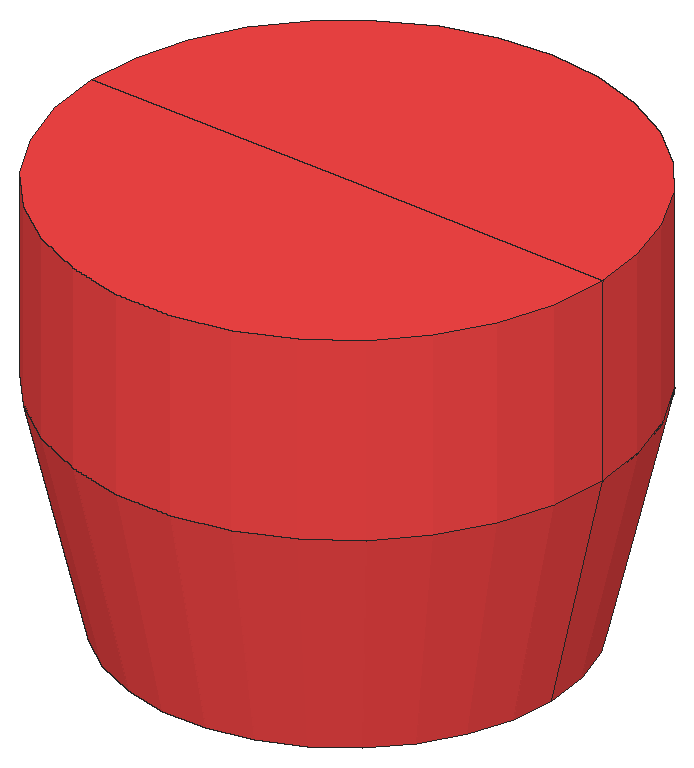
Revit family "CWSO-RR-S2 ENScape akustisk signalgiver rød_Tak", category Fire Alarm Devices, Revit 2016
Family settings
  Maintain Annotation Orientation = Yes
  Part Type = Normal
  Round Connector Dimension = Use Diameter
  OmniClass Number = 23.85.30.21.11.17
  OmniClass Title = Other Components
  Work Plane-Based = No
  Always vertical = No
  Cut with Voids When Loaded = No
  Shared = No
  Room Calculation Point = No
Parameters (values of type "Signalgiver")
  Type Comments = "-XH"
  Reference Line Out [instance] = 50.00 mm
  NS8360 = "5423_XN1"
  Manufacturer = "Honeywell"
  Keynote = "XN1"
  CQFontSymboler = ""
  CQ Material = Plastic - Red
  CQ Diameter = 100.00 mm
  CQ Symbol Positive Direction [instance] = yes
  CQ Symbol Offset Side [instance] = 0.00 mm
  CQ Symbol Offset Out [instance] = 0.00 mm
  CQ Length = 77.00 mm
  Assembly Code = "5423"
Reference planes
  plane 1 "Center (Front/Back)": y = 0
  plane 2: z = 0
  plane 3 "Center (Left/Right)": x = 0
  plane 4: x = 50
  plane 5: x = -50
  plane 6: z = -77
  plane 7: y = 50
Forms (mm)
  Revolve 1, solid, material "Plastic - Red" <- "CQ Material"
    sketch origin (0, 0, 0) x (1, 0, 0) y (0, 0, -1)
      loop
        line (50, 0) -> (50, 35) -> (40, 77) -> (38, 77)
        arc (38, 77) -> (31.118, 58.248) -> (13.595, 48.661) r 28.41
        line (13.595, 48.661) -> (0, 55) -> (0, 0) -> (50, 0)
      axis (0, 77) -> (0, 0)
    angle from 0 to 360
Lines and regions (mm)
  model lines, style "InvisibleLines"
    curve 1: line (0, 0, 0) -> (0, 50, 0)
  symbolic lines, style "InvisibleLines"
    curve 2: line (-50, 0, 0) -> (-50, 50, 0)
    curve 3: line (-50, 50, 0) -> (50, 50, 0)
    curve 4: line (50, 50, 0) -> (50, 0, 0)
    curve 5: line (-50, -50, 0) -> (50, -50, 0)
    curve 6: line (0, 0, 110) -> (0, 0, 0)
Dimensions and locks
  equal spacing: plane 5, plane 3 "Center (Left/Right)", plane 4
  "CQ Diameter": plane 5 to plane 4
  equal spacing: curve 3, plane 1 "Center (Front/Back)", curve 5
  "CQ Diameter": curve 5 to curve 3
  "CQ Length": plane 2 to plane 6
  "Reference Line Out": plane 1 "Center (Front/Back)" to plane 7
  aligned and locked: level to plane 2
  aligned and locked: curve 1 to plane 2
  aligned and locked: plane 3 "Center (Left/Right)" to nested 1
  aligned and locked: plane 1 "Center (Front/Back)" to nested 1
  aligned and locked: plane 1 "Center (Front/Back)" to curve 2
  aligned and locked: plane 1 "Center (Front/Back)" to curve 4
  aligned and locked: plane 4 to curve 4
  aligned and locked: Revolve 1 sketch curve to plane 4
  aligned and locked: Revolve 1 sketch curve to plane 3 "Center (Left/Right)"  (x2)
  aligned and locked: Revolve 1 sketch curve to plane 6
  aligned and locked: plane 2 to Revolve 1 sketch curve
  aligned and locked: level to curve 6
  aligned and locked: plane 3 "Center (Left/Right)" to curve 6
Automatic sketch dimensions
  plane 3 "Center (Left/Right)" to Revolve 1 sketch curve = 9.59 mm
  plane 3 "Center (Left/Right)" to Revolve 1 sketch curve = 13.595 mm
  plane 4 to Revolve 1 sketch curve = 12.00 mm
  Revolve 1 sketch curve to Revolve 1 sketch curve = 2.00 mm
  Revolve 1 sketch curve to Revolve 1 sketch curve = 21.788 mm
  Revolve 1 sketch curve to Revolve 1 sketch curve = 1923.212 mm
  level to Revolve 1 sketch curve = 2000.00 mm
  Revolve 1 sketch curve to Revolve 1 sketch curve = 35.00 mm
  plane 6 to Revolve 1 sketch curve = 28.339 mm
  level to curve 6 = 110.00 mm
  curve 3 to plane 5 = 0.00 mm
  curve 5 to plane 5 = 0.00 mm
  plane 1 "Center (Front/Back)" to curve 1 = 0.00 mm
  curve 1 to plane 3 "Center (Left/Right)" = 0.00 mm
  curve 5 to plane 4 = 0.00 mm
Nested families
  nested 1: "Alarm - Summer" at (0, 0, 0), type "Type 1"
Connectors
  electrical at (0, 0, 0)
    settings: index 1, voltage 0 V, apparent load 0 VA, apparent load phase1 0 VA, apparent load phase2 0 VA, apparent load phase3 0 VA, power factor 1, load classification "Other", number of poles 1, system type 11, power factor state 1, is connector primary yes, connector utility no, sub classification motor no, connector description ""
Definition of nested family "Alarm - Summer"
  Parameters (values of type "Type 1")
    CQ Symbol Positive Direction = yes
    CQ Symbol Negative Direction = not(CQ Symbol Positive Direction)  # no
    CQ Symbol Offset Side = 0.00 mm
    CQ Symbol Offset Out = 0.00 mm
  Reference planes
    plane 1: y = 0
    plane 2: x = 0
  Dimensions and locks
    "CQ Symbol Offset Out": plane 1 to nested 1
    "CQ Symbol Offset Out": plane 1 to nested 2
    "CQ Symbol Offset Side": nested 2 to plane 2
    "CQ Symbol Offset Side": plane 2 to nested 1
  Nested families
    nested 1: "Alarm - SummerSub" at (0, 0, 0), visible <- "CQ Symbol Positive Direction", type "Type 1"
    nested 2: "Alarm - SummerSub" at (0, 0, 0), visible <- "CQ Symbol Negative Direction", type "Type 1"
  Definition of nested family "Alarm - SummerSub"
    Reference planes
      plane 1: y = 0
      plane 2: x = 0
    Lines and regions (mm)
      detail lines
        curve 1: line (0, 0, 0) -> (0, 2.5, 0)
        curve 2: line (0, 0, 0) -> (-1.847, 0, 0)
        curve 3: line (-2.5, 2.5, 0) -> (2.5, 2.5, 0)
        curve 4: line (0, 5, 0) -> (-2.5, 2.5, 0)
        curve 5: line (0, 5, 0) -> (2.5, 2.5, 0)
